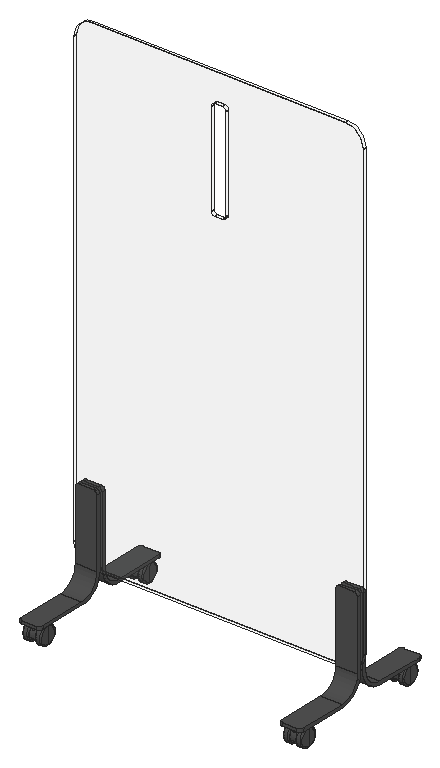
Revit family "Clarus_beClear_R19", category Furniture, host Face, Revit 2019
Family settings
  Host = Face
  Cut with Voids When Loaded = No
  Shared = No
  Room Calculation Point = No
Parameters (values of type "40" X 21" Casters")
  Width = 40"
  URL = "https://www.clarus.com/"
  TRC Standards [instance] = "http://therevitcollection.com/news/trc-news-the-revit-collection-standards-explained/"
  Show Thermometer Cutout [instance] = yes
  Product URL = "https://www.clarus.com/be-clear/"
  No Thermometer Cutout [instance] = not(Show Thermometer Cutout)  # no
  More Revit Families! [instance] = "www.therevitcollection.com"
  Modeled By = "Commense Studio"  # constant formula
  Model = "be! Clear"  # constant formula
  Manufacturer = "Clarus"  # constant formula
  Leg Length = (Depth - Core Thickness) / 2  # 10 1/4"
  Leg Height = 2 5/8"
  Leg Finish [instance] = Clarus Black
  Core Thickness = 1/2"  # constant formula
  Clarus Glass [instance] = Clarus Clear Glass
  Description = "be! Clear is an innovative, non-porous mobile glassboard that serves many\r\npurposes. Whether you use it as a protective shield from today’s various health\r\nthreats, as a collaborative writing surface, or as a temporary space divider that\r\nwon’t impact the integrity of your open-concept offi ce design, you can keep\r\neveryone healthy and at a safe distance without impeding the sightline from\r\none end of your space to the other. The optional cutout feature allows you to\r\nsafely take the temperature of incoming employees, customers or visitors, as\r\nwell as handoff important documents through an easily sanitized barrier while\r\nsafeguarding everyone. Thanks to the natural properties of glass, be! Clear is\r\nsafety and mobility rolled into one perfect solution."  # constant formula
  Height = 73"
  Designer = ""
  Depth = 21"
  Default Elevation = 0"
  Caster Color [instance] = Clarus Black
  Caster = yes
  Assembly Code = ""
Types (3): name | Leg Height | Height | Caster
  (no name) | 2 5/8" | 73" | yes
  40" X 21" Casters | 2 5/8" | 73" | yes
  40" X 21" No Casters | 0" | 70 3/8" | no
Reference planes (in)
  plane 1 "Center (Front/Back)": y = 0
  plane 2: z = 0
  plane 3 "Center (Left/Right)": x = 0
  plane 4 "L": x = -20
  plane 5 "R": x = 20
  plane 6 "B": y = 10.5
  plane 7 "F": y = -10.5
  plane 8: z = 73
  plane 9: y = 0.25
  plane 10: y = -0.25
  plane 11: y = -0.40625
  plane 12: y = 0.40625
  plane 13: y = 9.5
  plane 14: y = -9.5
  plane 15 "Legs": z = 2.625
  plane 16: x = 18
  plane 17: x = -18
  plane 18: z = 5.375
  plane 19: z = 16.125
  plane 20: x = -19.74999
  plane 21: z = 72.74999
  plane 22: x = 19.74999
  plane 23: z = 15.875
  plane 24: z = 69
  plane 25: z = 55
  plane 26: x = -1
  plane 27: x = 1
Forms (in)
  Extrusion 1, solid, material "Clarus Clear Glass" <- "Clarus Glass", visible <- "Show Thermometer Cutout"
    sketch origin (0, 0, 0) x (1, 0, 0) y (0, 0, 1)
      loop
        arc (-17.5, 73) -> (-19.26777, 72.26777) -> (-20, 70.5) r 2.5
        line (-20, 70.5) -> (-20, 7.875)
        arc (-20, 7.875) -> (-19.26777, 6.10723) -> (-17.5, 5.375) r 2.5
        line (-17.5, 5.375) -> (17.5, 5.375)
        arc (17.5, 5.375) -> (19.26777, 6.10723) -> (20, 7.875) r 2.5
        line (20, 7.875) -> (20, 70.5)
        arc (20, 70.5) -> (19.26777, 72.26777) -> (17.5, 73) r 2.5
        line (17.5, 73) -> (-17.5, 73)
      loop
        arc (-0.5, 69) -> (-0.85355, 68.85355) -> (-1, 68.5) r 0.5
        line (-1, 68.5) -> (-1, 55.5)
        arc (-1, 55.5) -> (-0.85355, 55.14645) -> (-0.5, 55) r 0.5
        line (-0.5, 55) -> (0.5, 55)
        arc (0.5, 55) -> (0.85355, 55.14645) -> (1, 55.5) r 0.5
        line (1, 55.5) -> (1, 68.5)
        arc (1, 68.5) -> (0.85355, 68.85355) -> (0.5, 69) r 0.5
        line (0.5, 69) -> (-0.5, 69)
    from -0.25 to 0.25
  Extrusion 2, solid, material "Clarus Clear Glass" <- "Clarus Glass", visible <- "No Thermometer Cutout"
    sketch origin (0, 0, 0) x (1, 0, 0) y (0, 0, 1)
      loop
        arc (-17.5, 73) -> (-19.26777, 72.26777) -> (-20, 70.5) r 2.5
        line (-20, 70.5) -> (-20, 7.875)
        arc (-20, 7.875) -> (-19.26777, 6.10723) -> (-17.5, 5.375) r 2.5
        line (-17.5, 5.375) -> (17.5, 5.375)
        arc (17.5, 5.375) -> (19.26777, 6.10723) -> (20, 7.875) r 2.5
        line (20, 7.875) -> (20, 70.5)
        arc (20, 70.5) -> (19.26777, 72.26777) -> (17.5, 73) r 2.5
        line (17.5, 73) -> (-17.5, 73)
    from -0.25 to 0.25
Lines and regions (in)
  symbolic lines
    curve 1: line (-19.75003, -0.25, 0) -> (14.75003, -0.25, 0)
    curve 2: line (19.74999, 0.25, 0) -> (-19.75003, 0.25, 0)
    curve 3: line (-16.5, 0.40625, 0) -> (-19.74999, 0.40625, 0)
    curve 4: line (-19.74999, -0.40625, 0) -> (-16.5, -0.40625, 0)
    curve 5: line (16.74995, 0.40625, 0) -> (19.74999, 0.40625, 0)
    curve 6: line (19.74999, -0.40625, 0) -> (16.74995, -0.40625, 0)
Dimensions and locks (in)
  equal spacing: plane 4 "L", plane 3 "Center (Left/Right)", plane 5 "R"
  "Width": plane 4 "L" to plane 5 "R"
  equal spacing: plane 7 "F", plane 1 "Center (Front/Back)", plane 6 "B"
  "Depth": plane 7 "F" to plane 6 "B"
  locked: plane 6 "B" to plane 13 at 1
  locked: plane 7 "F" to plane 14 at 1
  "Leg Height": plane 15 "Legs" to level
  locked: plane 16 to plane 5 "R" at 2
  plane 17 to plane 4 "L" = 2"
  equal spacing: plane 10, plane 1 "Center (Front/Back)", plane 9
  "Core Thickness": plane 10 to plane 9
  plane 9 to plane 12 = 5/32"
  plane 10 to plane 11 = 5/32"
  plane 8 to plane 19 to plane 23 to plane 18 to plane 15 "Legs" = 56 7/8" locked, 1/4" locked, 10 1/2" locked, 2 3/4" locked
  plane 4 "L" to plane 20 = 1/4"
  locked: plane 8 to plane 21 at 0.25001
  locked: plane 20 to plane 4 "L" at 0.25001
  locked: plane 22 to plane 5 "R" at 0.25001
  plane 8 to plane 24 to plane 25 = 4", 14"
  aligned and locked: plane 2 to host face
  aligned and locked: level to host face
  aligned and locked: nested 1 to plane 14
  aligned and locked: nested 2 to plane 17
  aligned and locked: plane 17 to nested 4
  aligned and locked: plane 16 to nested 1
  aligned and locked: nested 3 to plane 16
  aligned and locked: plane 17 to nested 5
  aligned and locked: nested 5 to plane 10
  aligned and locked: plane 9 to nested 6
  aligned and locked: nested 7 to plane 16
  aligned and locked: nested 8 to plane 16
  aligned and locked: plane 10 to nested 7
  aligned and locked: nested 8 to plane 9
  aligned and locked: nested 6 to plane 17
  aligned and locked: Extrusion 1 to plane 10
  aligned and locked: Extrusion 1 to plane 9
Automatic sketch dimensions
  plane 9 to curve 2 = 0"
  plane 10 to curve 1 = 0"
  plane 12 to curve 3 = 0"
  curve 3 to plane 20 = 0"
  plane 11 to curve 4 = 0"
  curve 4 to plane 20 = 0"
  plane 12 to curve 5 = 0"
  plane 11 to curve 6 = 0"
  curve 6 to plane 22 = 0"
  curve 5 to plane 22 = 0"
  curve 2 to plane 22 = 0"
  plane 20 to curve 1 = 0.00004"
  plane 20 to curve 2 = 0.00004"
  plane 17 to curve 4 = 1 1/2"
  curve 3 to curve 4 = 0"
  plane 16 to curve 1 = 3.24997"
  plane 16 to curve 5 = 1.25005"
  curve 6 to curve 5 = 0"
  host sketch curve to host sketch curve = 96"  (x2)
  Extrusion 2 sketch curve to plane 4 "L" = 0"
  Extrusion 2 sketch curve to plane 18 = 0"
  Extrusion 2 sketch curve to plane 8 = 0"
  Extrusion 2 sketch curve to plane 5 "R" = 0"
  plane 17 to Extrusion 2 sketch curve = 1/2"  (x2)
  plane 16 to Extrusion 2 sketch curve = 1/2"  (x2)
  Extrusion 1 sketch curve to plane 4 "L" = 0"
  Extrusion 1 sketch curve to plane 18 = 0"
  Extrusion 1 sketch curve to plane 8 = 0"
  Extrusion 1 sketch curve to plane 26 = 0"
  Extrusion 1 sketch curve to plane 24 = 0"
  Extrusion 1 sketch curve to plane 25 = 0"
  plane 27 to Extrusion 1 sketch curve = 0"
  Extrusion 1 sketch curve to plane 5 "R" = 0"
  plane 17 to Extrusion 1 sketch curve = 1/2"  (x2)
  Extrusion 1 sketch curve to plane 3 "Center (Left/Right)" = 1/2"  (x2)
  plane 3 "Center (Left/Right)" to Extrusion 1 sketch curve = 1/2"  (x2)
  plane 16 to Extrusion 1 sketch curve = 1/2"  (x2)
Nested families (in)
  nested 1: "Caster" at (18, -8.83637, 0) x (-1, 0, 0) z (0, 0, 1), Object <- "Caster Color", visible <- "Caster", type "2 5/8""
    with TRC Standards "http://therevitcollection.com/news/trc-news-the-revit-collection-standards-explained/", Object Clarus Black, More Revit Families! "www.therevitcollection.com"
  nested 2: "Caster" at (-18, -8.83637, 0), Object <- "Caster Color", visible <- "Caster", type "2 5/8""
    with TRC Standards "http://therevitcollection.com/news/trc-news-the-revit-collection-standards-explained/", Object Clarus Black, More Revit Families! "www.therevitcollection.com"
  nested 3: "Caster" at (18, 8.83637, 0) x (-1, 0, 0) z (0, 0, 1), Object <- "Caster Color", visible <- "Caster", type "2 5/8""
    with TRC Standards "http://therevitcollection.com/news/trc-news-the-revit-collection-standards-explained/", Object Clarus Black, More Revit Families! "www.therevitcollection.com"
  nested 4: "Caster" at (-18, 8.83637, 0), Object <- "Caster Color", visible <- "Caster", type "2 5/8""
    with TRC Standards "http://therevitcollection.com/news/trc-news-the-revit-collection-standards-explained/", Object Clarus Black, More Revit Families! "www.therevitcollection.com"
  nested 5: "Clarus_beLegs_R18" at (-18, -0.25, 2.625), Leg Finish <- "Leg Finish", type "Be Legs"
    with TRC Standards "http://therevitcollection.com/news/trc-news-the-revit-collection-standards-explained/", More Revit Families! "www.therevitcollection.com", Leg Finish Clarus Black
  nested 6: "Clarus_beLegs_R18" at (-18, 0.25, 2.625), Leg Finish <- "Leg Finish", type "Be Legs"
    with TRC Standards "http://therevitcollection.com/news/trc-news-the-revit-collection-standards-explained/", More Revit Families! "www.therevitcollection.com", Leg Finish Clarus Black
  nested 7: "Clarus_beLegs_R18" at (18, -0.25, 2.625) x (-1, 0, 0) z (0, 0, 1), Leg Finish <- "Leg Finish", type "Be Legs"
    with TRC Standards "http://therevitcollection.com/news/trc-news-the-revit-collection-standards-explained/", More Revit Families! "www.therevitcollection.com", Leg Finish Clarus Black
  nested 8: "Clarus_beLegs_R18" at (18, 0.25, 2.625) x (-1, 0, 0) z (0, 0, 1), Leg Finish <- "Leg Finish", type "Be Legs"
    with TRC Standards "http://therevitcollection.com/news/trc-news-the-revit-collection-standards-explained/", More Revit Families! "www.therevitcollection.com", Leg Finish Clarus Black
Definition of nested family "Caster"
  Parameters (values of type "2 5/8"")
    Width = 2 1/2"  # constant formula
    URL = ""
    TRC Standards [instance] = "http://therevitcollection.com/news/trc-news-the-revit-collection-standards-explained/"
    Product URL = ""
    More Revit Families! [instance] = "www.therevitcollection.com"
    Modeled By = "The Revit Collection"  # constant formula
    Model = ""
    Manufacturer = ""
    Object [instance] = none
    Description = ""
    Height = 2 5/8"  # constant formula
    Designer = ""
    Depth = 2 1/2"  # constant formula
    Default Elevation = 0"
    Assembly Code = "E2020200"
  Reference planes (in)
    plane 1 "Center (Front/Back)": y = 0
    plane 2: z = 0
    plane 3 "Center (Left/Right)": x = 0
    plane 4 "L": x = -1.25
    plane 5 "R": x = 1.25
    plane 6 "B": y = 1.25
    plane 7 "F": y = -1.25
    plane 8: z = 2.625
    plane 9: z = 1.25
    plane 10: z = 2.5
    plane 11: x = -0.5
    plane 12: x = 0.5
    plane 13: y = 0.66363
  Forms (in)
    Extrusion 1, solid
      sketch origin (0, 0, 0) x (1, 0, 0) y (0, 1, 0)
        loop
          line (-48, 48) -> (-48, -48) -> (48, -48) -> (48, 48) -> (-48, 48)
      from 0 to -12
    Revolve 2, solid, material <- "Object"
      sketch origin (0, 0, 0) x (1, 0, 0) y (0, 0, 1)
        loop
          line (-1.25, 1.25) -> (-0.5, 1.25) -> (-0.5, 2.375)
          arc (-0.5, 2.375) -> (-0.53661, 2.46339) -> (-0.625, 2.5) r 0.125
          line (-0.625, 2.5) -> (-1.125, 2.5)
          arc (-1.125, 2.5) -> (-1.21339, 2.46339) -> (-1.25, 2.375) r 0.125
          line (-1.25, 2.375) -> (-1.25, 1.25)
        loop
          line (1.25, 1.25) -> (1.25, 2.375)
          arc (1.25, 2.375) -> (1.21339, 2.46339) -> (1.125, 2.5) r 0.125
          line (1.125, 2.5) -> (0.625, 2.5)
          arc (0.625, 2.5) -> (0.53661, 2.46339) -> (0.5, 2.375) r 0.125
          line (0.5, 2.375) -> (0.5, 1.25) -> (1.25, 1.25)
        axis (-1.25, 1.25) -> (1.25, 1.25)
      angle from 0 to 360
    Extrusion 3, solid, material <- "Object"
      sketch origin (10.61611, 0, 0) x (0, 0, 1) y (0, -1, 0)
        loop
          arc (0.875, -1.06066) -> (2.375, 0) -> (0.875, 1.06066) r 1.125
          line (0.875, 1.06066) -> (0.875, -1.06066)
      from -11.11611 to -10.11611
    Extrusion 4, solid, material <- "Object"
      sketch origin (0, 0, 0) x (1, 0, 0) y (0, 1, 0)
        loop
          circle (0, 0.66363) r 0.25
      from 1.25 to 2.625
  Cuts and joins
    joined: Extrusion 3, Extrusion 4
  Dimensions and locks (in)
    equal spacing: plane 4 "L", plane 3 "Center (Left/Right)", plane 5 "R"
    "Width": plane 4 "L" to plane 5 "R"
    equal spacing: plane 7 "F", plane 1 "Center (Front/Back)", plane 6 "B"
    "Depth": plane 7 "F" to plane 6 "B"
    "Height": plane 8 to level
    equal spacing: plane 10, plane 9, level
    aligned and locked: plane 2 to Extrusion 1
    aligned and locked: level to Extrusion 1
    aligned and locked: Extrusion 3 to plane 11
    aligned and locked: Extrusion 3 to plane 12
    aligned and locked: plane 8 to Extrusion 4
    aligned and locked: Extrusion 4 to plane 9
  Automatic sketch dimensions
    Extrusion 1 sketch curve to Extrusion 1 sketch curve = 96"  (x2)
    Revolve 2 sketch curve to plane 9 = 0"  (x3)
    Revolve 2 sketch curve to plane 4 "L" = 0"
    Revolve 2 sketch curve to plane 10 = 0"  (x2)
    Revolve 2 sketch curve to plane 5 "R" = 0"
    plane 4 "L" to Revolve 2 sketch curve = 1/8"
    Revolve 2 sketch curve to plane 10 = 1/8"
    Revolve 2 sketch curve to plane 3 "Center (Left/Right)" = 5/8"
    plane 3 "Center (Left/Right)" to Revolve 2 sketch curve = 1/2"
    Revolve 2 sketch curve to Revolve 2 sketch curve = 1/8"
    Revolve 2 sketch curve to plane 5 "R" = 1/8"
    Revolve 2 sketch curve to plane 4 "L" = 0.37531"
    Revolve 2 sketch curve to Revolve 2 sketch curve = 0.46014"
    Extrusion 3 sketch curve to plane 1 "Center (Front/Back)" = 0"
    Extrusion 3 sketch curve to plane 9 = 0"
    Extrusion 3 sketch curve to plane 9 = 3/8"
    plane 6 "B" to Extrusion 3 sketch curve = 0.18934"
    Extrusion 4 sketch curve to plane 3 "Center (Left/Right)" = 0"
    plane 6 "B" to Extrusion 4 sketch curve = 0.58637"
    radius of Extrusion 4 sketch curve = 1/4"
Definition of nested family "Clarus_beLegs_R18"
  Parameters (values of type "Be Legs")
    Width = 3"
    URL = "https://www.clarus.com/"
    TRC Standards [instance] = "http://therevitcollection.com/news/trc-news-the-revit-collection-standards-explained/"
    Product URL = "https://www.clarus.com/be-mobile/"
    More Revit Families! [instance] = "www.therevitcollection.com"
    Modeled By = "Commense Studio"  # constant formula
    Model = "be! Legs"  # constant formula
    Manufacturer = "Clarus"  # constant formula
    Leg Finish [instance] = none
    Description = "Rolling Glassboard"
    Height = 13"
    Designer = ""
    Depth = 10 1/4"
    Default Elevation = 0"
    Assembly Code = ""
  Reference planes (in)
    plane 1 "Center (Front/Back)": y = 0
    plane 2: z = 0
    plane 3 "Center (Left/Right)": x = 0
    plane 4: x = 1.50004
    plane 5: x = -1.50004
    plane 6: y = -10.25
    plane 7: y = -9.25
    plane 8: z = 13
    plane 9: z = 12
  Forms (in)
    Extrusion 1, solid
      sketch origin (0, 0, 0) x (1, 0, 0) y (0, 1, 0)
        loop
          line (-48, 48) -> (-48, -48) -> (48, -48) -> (48, 48) -> (-48, 48)
      from 0 to -12
    Extrusion 2, solid, material <- "Leg Finish"
      sketch origin (-18.24999, 0.25, -2.6316) x (0, -1, 0) y (0, 0, -1)
        loop
          arc (3.25, -2.6316) -> (1.12868, -3.51028) -> (0.25, -5.6316) r 3
          line (0.25, -5.6316) -> (0.25, -14.6316) -> (0.625, -14.6316) -> (0.625, -5.6316)
          arc (0.625, -5.6316) -> (1.39384, -3.77545) -> (3.25, -3.0066) r 2.625
          line (3.25, -3.0066) -> (9.5, -3.0066) -> (9.5, -2.6316) -> (3.25, -2.6316)
      from 16.74995 to 19.75003
    Extrusion 3, solid, material <- "Leg Finish"
      sketch origin (-18.24999, 0.25, -2.6316) x (-1, 0, 0) y (0, -1, 0)
        loop
          arc (-19.25003, 10.5) -> (-19.60358, 10.35355) -> (-19.75003, 10) r 0.5
          line (-19.75003, 10) -> (-19.75003, 9.5) -> (-16.74995, 9.5) -> (-16.74995, 10)
          arc (-16.74995, 10) -> (-16.8964, 10.35355) -> (-17.24995, 10.5) r 0.5
          line (-17.24995, 10.5) -> (-19.25003, 10.5)
      from 2.6316 to 3.0066
    Extrusion 4, solid, material <- "Leg Finish"
      sketch origin (-18.24999, 0.25, -2.6316) x (-1, 0, 0) y (0, 0, -1)
        loop
          line (-16.74995, -14.6316) -> (-19.75003, -14.6316) -> (-19.75003, -15.1316)
          arc (-19.75003, -15.1316) -> (-19.60358, -15.48516) -> (-19.25003, -15.6316) r 0.5
          line (-19.25003, -15.6316) -> (-17.24995, -15.6316)
          arc (-17.24995, -15.6316) -> (-16.8964, -15.48516) -> (-16.74995, -15.1316) r 0.5
          line (-16.74995, -15.1316) -> (-16.74995, -14.6316)
      from 0.25 to 0.625
  Cuts and joins
    joined: Extrusion 2, Extrusion 3, Extrusion 4
  Dimensions and locks (in)
    "Depth": plane 6 to plane 1 "Center (Front/Back)"
    locked: plane 6 to plane 7 at 1
    plane 8 to Extrusion 1 = 13"
    aligned and locked: plane 2 to Extrusion 1
    aligned and locked: level to Extrusion 1
    aligned and locked: plane 7 to Extrusion 2
    aligned and locked: Extrusion 3 to plane 7
    aligned and locked: plane 6 to Extrusion 3
    aligned and locked: Extrusion 4 to plane 9  (x2)
    aligned and locked: plane 9 to Extrusion 2
  Automatic sketch dimensions
    Extrusion 1 sketch curve to Extrusion 1 sketch curve = 96"  (x2)
    Extrusion 3 sketch curve to plane 4 = 0"
    Extrusion 3 sketch curve to plane 5 = 0"
    Extrusion 3 sketch curve to plane 4 = 1/2"
    plane 5 to Extrusion 3 sketch curve = 1/2"
    Extrusion 3 sketch curve to Extrusion 3 sketch curve = 1/2"
    Extrusion 4 sketch curve to plane 4 = 0"
    Extrusion 4 sketch curve to plane 5 = 0"
    Extrusion 4 sketch curve to Extrusion 4 sketch curve = 1/2"  (x2)
    plane 5 to Extrusion 4 sketch curve = 1/2"
    Extrusion 3 sketch curve to plane 6 = 0"
    Extrusion 4 sketch curve to level = 12"
    Extrusion 2 sketch curve to plane 1 "Center (Front/Back)" = 0"
    Extrusion 2 sketch curve to plane 9 = 0"
    Extrusion 2 sketch curve to level = 0"
    Extrusion 2 sketch curve to plane 7 = 0"
    Extrusion 2 sketch curve to Extrusion 2 sketch curve = 2 5/8"
    Extrusion 2 sketch curve to level = 3/8"
    Extrusion 2 sketch curve to Extrusion 2 sketch curve = 0"  (x2)
